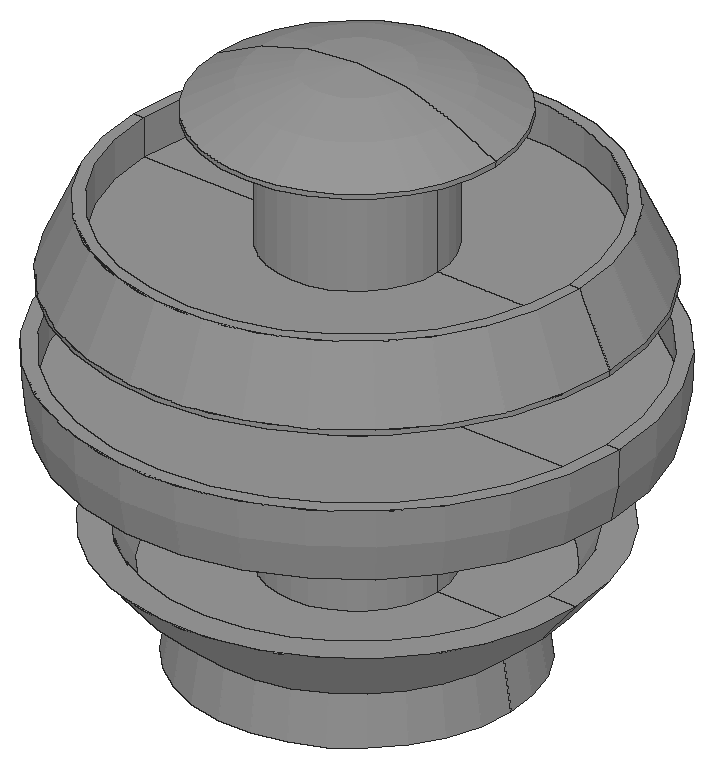
Revit family "Цветочница «Парадная»", category Антураж, Revit 2017
Family settings
  На основе рабочей плоскости = Нет
  Всегда вертикально = Да
  При загрузке вырезать с полостями = Нет
  Источник визуального образа = Геометрия семейства
  Общий = Нет
  Точка расчета площади = Нет
Parameters (values of type "Цветочница «Парадная»")
  Стоимость = 63710
  Изготовитель = "ООО \"Хоббика\""
  Высота = 0 mm
  АDSK_Материал вазона = Мрамор
  URL = "https://hobbyka.ru/product/tsvetochnitsa_paradnaya/?sphrase_id=80632"
  ADSK_Размер_Диаметр = 1200 mm
  ADSK_Размер_Высота = ADSK_Размер_Диаметр  # 1200 mm
  ADSK_Наименование = "Цветочница «Парадная»"
  ADSK_Код изделия = "8436"
Reference planes
  plane 1 "По центру (Вперед/Назад)": y = 0
  plane 2: z = 0
  plane 3 "По центру (Влево/Вправо)": x = 0
Forms (mm)
  Revolve 1, solid, material "Мрамор" <- "АDSK_Материал вазона"
    sketch origin (0, 0, 0) x (1, 0, 0) y (0, 0, 1)
      loop
        line (-316.12, 1099.611) -> (-184.037, 1099.611) -> (-184.037, 838.062) -> (-483.439, 838.062) -> (-483.439, 918.284) -> (-507.907, 918.284)
        arc (-507.907, 918.284) -> (-544.309, 847.733) -> (-574.164, 774.171) r 874.7
        line (-574.164, 774.171) -> (-574.164, 764.171) -> (-464.383, 717.054) -> (-184.037, 717.054) -> (-184.037, 542.488) -> (-569.036, 542.488) -> (-569.036, 622.71) -> (-598.884, 622.71)
        arc (-598.884, 622.71) -> (-596.334, 547.216) -> (-580.545, 473.347) r 427.764
        line (-580.545, 473.347) -> (-478.69, 425.829) -> (-184.037, 425.829) -> (-184.037, 186.436) -> (-394.009, 186.436) -> (-436.362, 266.658) -> (-498.882, 266.658)
        arc (-498.882, 266.658) -> (-423.754, 176.246) -> (-333.342, 101.118) r 639.326
        line (-333.342, 101.118) -> (-349.641, 0) -> (0, 0) -> (0, 1200)
        arc (0, 1200) -> (-164.32, 1176.397) -> (-316.12, 1109.204) r 607.645
        line (-316.12, 1109.204) -> (-316.12, 1099.611)
      axis (0, 0) -> (0, 1200)
    angle from 0 to 360
Dimensions and locks
  aligned and locked: level to plane 2
